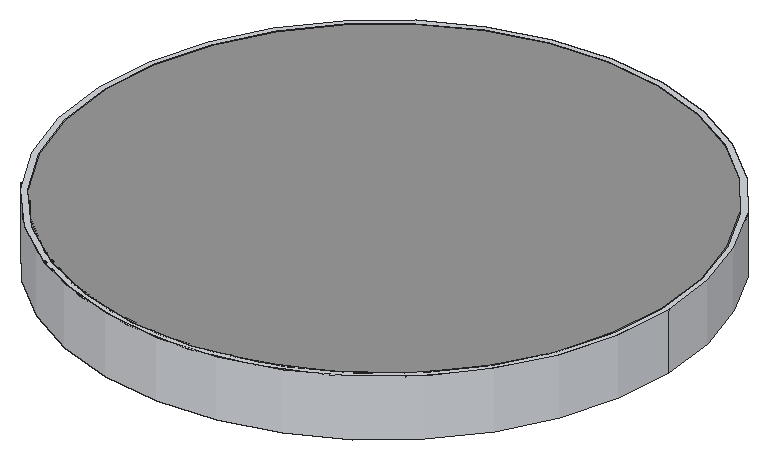
Revit family "2071195", category Lighting Fixtures, host Face, Revit 2018
Family settings
  Host = Face
  Round Connector Dimension = Use Diameter
  Part Type = Normal
  OmniClass Number = 23.80.70.00
  OmniClass Title = Lighting
  Cut with Voids When Loaded = No
  Light Source = Yes
  Shared = No
  Room Calculation Point = No
Parameters (values of type "2071195 COLOSSAL 600 940 PR DIR WHT SSA02")
  iner diameter = 588 mm
  Weight = "n/a"
  Wattage Comments = ""
  Wattage = 30 W
  WarrantyStartDate [instance] = "n/a"
  WarrantyGuarantorParts = "n/a"
  WarrantyDurationUnit = "n/a"
  WarrantyDurationParts = ""
  WarrantyDescription = "http://www.sylvania-lighting.com"
  built-in parameter 1150110 = 1 (stored number, unit not read)
  Voltage = 230 V
  URL = "0.95"
  TypeName = "COLOSSAL 600mm 940 PRISM DIR WHITE SSA02"
  Type Image = <None>
  Type Comments = "n/a"
  built-in parameter 1114217 = 1 (stored number, unit not read)
  Tilt Angle = -90.00°
  built-in parameter 1150109 = 1 (stored number, unit not read)
  built-in parameter 1150134 = (empty or 0)
  built-in parameter 1150113 = 1 (stored number, unit not read)
  SerialNumber [instance] = "n/a"
  Photometric Web File = "2071195.ies"
  Material_3_SYL = LED-Sylvania
  PowerFactor = 0
  PowerConsumption = "Lighting"
  NominalLength = 600 mm
  NominalHeight = 93 mm
  NominalDepth = 600 mm
  Name = "COLOSSAL 600mm 940 PRISM DIR WHITE SSA02"
  ModelReference = Name  # "COLOSSAL 600mm 940 PRISM DIR WHITE SSA02"
  ModelNumber = "2071195"
  Model = Name  # "COLOSSAL 600mm 940 PRISM DIR WHITE SSA02"
  Material = "Feilo Sylvania"
  ManufacturerName = "109 lm/W"
  Manufacturer = ""
  LuminousEfficacy = ""
  built-in parameter 1150105 = 270.44 (stored number, unit not read)
  Lumens = 3398.4 lm
  LuminaireType = "0"
  built-in parameter 1150115 = 1 (stored number, unit not read)
  LightOutputRatio = "LED"
  built-in parameter 1150137 = (empty or 0)
  built-in parameter 1150139 = (empty or 0)
  LampsType = Lamp  # "n/a"
  LampNominalLuminous = "4000 K"
  LampMacAdamStep = "90"
  LampColourTemperature = "LED"
  LampColourRenderingIndex = "16500"
  built-in parameter 1150112 = 1 (stored number, unit not read)
  built-in parameter 1150114 = 1 (stored number, unit not read)
  Lamp = "n/a"
  Keynote = "n/a"
  InstallationDate [instance] = "n/a"
  InputVoltage = "0"
  InputNominalFrequency = "4000"
  built-in parameter 1150132 = (empty or 0)
  built-in parameter 1150102 = (empty or 0)
  built-in parameter 1150107 = 3000 (stored number, unit not read)
  built-in parameter 1150138 = (empty or 0)
  IngressProtection = "IfcLightFixtureType"
  ImpactProtectionIndex = "IfcLightFixtureType"
  built-in parameter 1150106 = 2.7044 (stored number, unit not read)
  IfcExportType = "IfcLightFixtureType"
  IfcExportAs = "Class I"
  Emit from Circle Diameter = 385 mm
  Emit Shape Visible in Rendering = no
  ElectricShockClassification = "109"
  built-in parameter 1150104 = 10.524 (stored number, unit not read)
  DocumentationLiterature = "http://www.sylvania-lighting.com/product/en-int/products/2071195"
  DimmingControlOptions = "n/a"
  Material_2_SYL = Polycarbonate_Sylvania_White
  Dimming Lamp Color Temperature Shift = <None>
  Description = "600mm diameter circular architectural luminaire, can be surface mounted or suspended. Powder coated aluminium housing (RAL9016) with PMMA prismatic diffuser. Direct light distribution, 3400lm luminuous flux, 31.3W system power, 109lm/W luminiaire efficacy. Sylsmart Connected enabled. Colour rendering index Ra >90, 4000K Neutral White LED, chromaticity tolerance of 3-step MacAdam ellipse. IP40, IK03. 350mA drive current. UGR≤19. Electrical protection Class1, 220-240V. Reported lifetime 66k hours L90B10."
  Default Elevation = 1219.2 mm
  CreatedOn = "23/03/2022"
  CreatedBy = "@sylvania-lighting.com"
  Cost = 0
  Color Filter = 16777215
  built-in parameter 1114216 [instance] = (empty or 0)
  ClassificationValue = "EF_70_80"
  ClassificationName = "Uniclass2015"
  Material_1_SYL = Polycarbonate_Sylvania_Opal
  BarCode [instance] = "n/a"
  built-in parameter 1114218 = 1 (stored number, unit not read)
  built-in parameter 1150133 = 10 (stored number, unit not read)
  AssetType = "Fixed"
  AssetIdentifier [instance] = "n/a"
  Assembly Code = "D5020200"
  Apparent Load = 31.3 VA
  Material_4_SYL = none
Reference planes
  plane 1 "Center (Front/Back)": y = 0
  plane 2: z = 0
  plane 3 "Center (Left/Right)": x = 0
  plane 4: x = -300
  plane 5: x = 300
  plane 6: y = 300
  plane 7: y = -300
  plane 8: y = 212
  plane 9: y = -212
  plane 10: z = 93
  plane 11: y = 294
  plane 12: y = -294
  plane 13: through (0, 0, 1219.2) normal (0.5, -0.866, 0)
  plane 14: through (-134.29, 20.617, 1219.2) normal (0.5, -0.866, 0)
  plane 15: through (-144.685, -181.683, 1219.2) normal (-0.5, 0.866, 0)
  plane 16: through (0, 0, 1219.2) normal (0.5, 0.866, 0)
  plane 17: through (178.555, -4.939, 1219.2) normal (0.5, 0.866, 0)
  plane 18: through (87.581, -148.715, 1219.2) normal (0.5, 0.866, 0)
  plane 19: y = 272
  plane 20: through (105.168, 227.067, 1219.2) normal (0.866, 0.5, 0)
  plane 21: through (-104.171, 225.672, 1219.2) normal (0.8572, -0.515, 0)
  plane 22: y = -204.612
  plane 23: through (-296.643, -30.2, 1219.2) normal (0.866, 0.5, 0)
  plane 24: through (153.092, -278.837, 1219.2) normal (-0.866, 0.5, 0)
Forms (mm)
  Extrusion 1, solid, detail levels medium+fine
    sketch origin (0, 0, 0) x (1, 0, 0) y (0, 1, 0)
      loop
        circle (0, 0) r 300
    from 33.023 to 93
  Extrusion 2, void
    sketch origin (0, 0, 0) x (1, 0, 0) y (0, 1, 0)
      loop
        circle (0, 0) r 294
    from 93 to 37.292
  Extrusion 3, solid, material "Glass, White, High Luminance", detail levels fine
    sketch origin (0, 0, 0) x (1, 0, 0) y (0, 1, 0)
      loop
        circle (0, 0) r 294
    from 88.026 to 93
  Extrusion 4, solid, detail levels coarse
    sketch origin (0, 0, 0) x (1, 0, 0) y (0, 1, 0)
      loop
        line (-300, 300) -> (-300, -300) -> (300, -300) -> (300, 300) -> (-300, 300)
    from 0 to 93
  Blend 5, solid, detail levels medium+fine
    base sketch origin (0, 0, 0) x (1, 0, 0) y (0, 1, 0)
      loop
        line (-76.334, 272) -> (-277.665, -63.07) -> (-195.946, -204.612) -> (195.946, -204.612) -> (275.172, -67.388) -> (79.226, 272) -> (-76.334, 272)
    top sketch origin (0, 0, 0) x (1, 0, 0) y (0, 1, 0)
      loop
        line (-226.097, -32.388) -> (-141.097, -179.612) -> (141.097, -179.612) -> (226.097, -32.388) -> (85, 212) -> (-85, 212) -> (-226.097, -32.388)
    from 33.023 to 0
Cuts and joins
  Extrusion 2 cuts Extrusion 1
Lines and regions (mm)
  model lines
    curve 1: line (-85, 212, 0) -> (0, 212, 0)
    curve 2: line (0, 212, 0) -> (85, 212, 0)
Dimensions and locks
  "NominalDepth": plane 6 to plane 7
  "NominalLength": plane 4 to plane 5
  equal spacing: plane 4, plane 3 "Center (Left/Right)", plane 5
  "iner diameter": plane 11 to plane 12
  equal spacing: plane 11, plane 1 "Center (Front/Back)", plane 12
  equal spacing: plane 6, plane 1 "Center (Front/Back)", plane 7
  "NominalHeight": plane 10 to level
  radius of Extrusion 2 sketch curve = 294 mm
  aligned and locked: plane 2 to host face
  aligned and locked: level to host face
Automatic sketch dimensions
  host sketch curve to host sketch curve = 2438.4 mm  (x2)
  plane 1 "Center (Front/Back)" to Extrusion 1 sketch curve = 0 mm
  Extrusion 1 sketch curve to plane 3 "Center (Left/Right)" = 0 mm
  plane 1 "Center (Front/Back)" to Extrusion 2 sketch curve = 0 mm
  Extrusion 2 sketch curve to plane 3 "Center (Left/Right)" = 0 mm
  plane 1 "Center (Front/Back)" to Extrusion 3 sketch curve = 0 mm
  Extrusion 3 sketch curve to plane 3 "Center (Left/Right)" = 0 mm
  Extrusion 4 sketch curve to plane 4 = 0 mm
  Extrusion 4 sketch curve to plane 5 = 0 mm
  Extrusion 4 sketch curve to plane 7 = 0 mm
  Extrusion 4 sketch curve to plane 6 = 0 mm
  Blend 5 sketch curve to plane 8 = 0 mm
  Blend 5 sketch curve to plane 3 "Center (Left/Right)" = 85 mm
  plane 3 "Center (Left/Right)" to Blend 5 sketch curve = 85 mm
  plane 9 to Blend 5 sketch curve = 32.388 mm
  plane 3 "Center (Left/Right)" to Blend 5 sketch curve = 141.097 mm
  plane 1 "Center (Front/Back)" to Blend 5 sketch curve = 32.388 mm  (x2)
  Blend 5 sketch curve to plane 5 = 73.903 mm
  Blend 5 sketch curve to plane 3 "Center (Left/Right)" = 141.097 mm
  plane 4 to Blend 5 sketch curve = 73.903 mm
  curve 1 to plane 8 = 0 mm
  curve 2 to plane 3 "Center (Left/Right)" = 0 mm
  curve 1 to plane 3 "Center (Left/Right)" = 85 mm
  curve 1 to curve 2 = 85 mm
  Blend 5 sketch curve to plane 21 = 0 mm
  Blend 5 sketch curve to plane 23 = 0 mm  (x2)
  Blend 5 sketch curve to plane 22 = 0 mm
  Blend 5 sketch curve to plane 19 = 0 mm
  plane 21 to Blend 5 sketch curve = 0 mm
  Blend 5 sketch curve to plane 20 = 0 mm  (x2)
  Blend 5 sketch curve to plane 24 = 0 mm  (x2)
  radius of Extrusion 1 sketch curve = 300 mm
  radius of Extrusion 3 sketch curve = 294 mm
Connectors
  electrical at (0, 0, 0), driven by "Apparent Load", driven by "PowerFactor", driven by "Voltage"
    settings: index 1, voltage 230 V, apparent load 31.3 VA, apparent load phase1 0 VA, apparent load phase2 0 VA, apparent load phase3 0 VA, power factor 0, load classification "Lighting", number of poles 1, system type 30, power factor state 1, is connector primary yes, connector utility no, sub classification motor no, connector description ""
